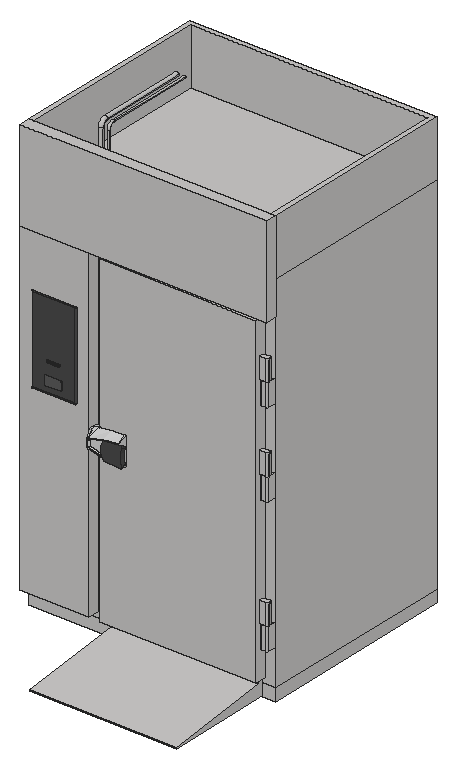
Revit family "QF_ALPENINOX_729269_ABFA22RDFE", category Specialty Equipment, Revit 2018 (continued)
Definition of nested family "ALP_Logo_XS"
  Forms (mm)
    Extrusion 2, solid
      sketch origin (17.793, -46.218, 0) x (-1, 0, 0) y (0, -1, 0)
        loop
          spline (-1.199, -50.23) -> (-1.189, -50.4) -> (-1.162, -50.557) -> (-1.117, -50.701) -> (-1.057, -50.83) -> (-0.982, -50.946) -> (-0.893, -51.047) -> (-0.791, -51.133) -> (-0.678, -51.204) -> (-0.554, -51.26) -> (-0.42, -51.301) -> (-0.278, -51.325) -> (-0.128, -51.333)
          spline (-0.128, -51.333) -> (0.022, -51.325) -> (0.164, -51.301) -> (0.298, -51.26) -> (0.422, -51.204) -> (0.536, -51.133) -> (0.637, -51.047) -> (0.726, -50.946) -> (0.801, -50.83) -> (0.861, -50.701) -> (0.905, -50.557) -> (0.932, -50.4) -> (0.942, -50.23)
          line (0.942, -50.23) -> (0.942, -44.847) -> (5.493, -50.865) -> (6.393, -51.333)
          spline (6.393, -51.333) -> (6.542, -51.325) -> (6.685, -51.301) -> (6.818, -51.26) -> (6.942, -51.204) -> (7.055, -51.133) -> (7.157, -51.047) -> (7.246, -50.946) -> (7.321, -50.83) -> (7.381, -50.701) -> (7.425, -50.557) -> (7.452, -50.4) -> (7.462, -50.23)
          line (7.462, -50.23) -> (7.462, -42.198)
        loop
          spline (-7.232, -41.01) -> (-7.943, -41.056) -> (-8.611, -41.192) -> (-9.232, -41.411) -> (-9.803, -41.709) -> (-10.321, -42.078) -> (-10.782, -42.514) -> (-11.181, -43.011) -> (-11.516, -43.564) -> (-11.783, -44.166) -> (-11.978, -44.812) -> (-12.097, -45.497) -> (-12.138, -46.214)
          spline (-12.138, -46.214) -> (-12.096, -46.919) -> (-11.974, -47.596) -> (-11.774, -48.238) -> (-11.503, -48.839) -> (-11.163, -49.393) -> (-10.76, -49.893) -> (-10.297, -50.333) -> (-9.778, -50.707) -> (-9.208, -51.008) -> (-8.591, -51.231) -> (-7.931, -51.37) -> (-7.232, -51.417)
          spline (-7.232, -51.417) -> (-6.524, -51.371) -> (-5.858, -51.236) -> (-5.238, -51.018) -> (-4.666, -50.722) -> (-4.148, -50.353) -> (-3.687, -49.918) -> (-3.286, -49.422) -> (-2.95, -48.87) -> (-2.682, -48.267) -> (-2.486, -47.62) -> (-2.366, -46.934) -> (-2.325, -46.214)
          spline (-2.325, -46.214) -> (-2.366, -45.497) -> (-2.487, -44.812) -> (-2.684, -44.166) -> (-2.953, -43.564) -> (-3.29, -43.011) -> (-3.692, -42.514) -> (-4.154, -42.078) -> (-4.672, -41.709) -> (-5.243, -41.411) -> (-5.862, -41.192) -> (-6.527, -41.056) -> (-7.232, -41.01)
        loop
          spline (-7.232, -42.962) -> (-7.665, -42.993) -> (-8.059, -43.083) -> (-8.414, -43.227) -> (-8.731, -43.422) -> (-9.01, -43.661) -> (-9.251, -43.941) -> (-9.454, -44.257) -> (-9.62, -44.605) -> (-9.748, -44.979) -> (-9.839, -45.374) -> (-9.894, -45.788) -> (-9.912, -46.214)
          spline (-9.912, -46.214) -> (-9.894, -46.637) -> (-9.837, -47.049) -> (-9.744, -47.444) -> (-9.614, -47.818) -> (-9.446, -48.165) -> (-9.241, -48.482) -> (-8.998, -48.763) -> (-8.719, -49.003) -> (-8.403, -49.198) -> (-8.049, -49.344) -> (-7.659, -49.434) -> (-7.232, -49.466)
          spline (-7.232, -49.466) -> (-6.804, -49.434) -> (-6.414, -49.344) -> (-6.06, -49.198) -> (-5.743, -49.003) -> (-5.464, -48.763) -> (-5.222, -48.482) -> (-5.017, -48.165) -> (-4.849, -47.818) -> (-4.718, -47.444) -> (-4.625, -47.049) -> (-4.568, -46.637) -> (-4.55, -46.214)
          spline (-4.55, -46.214) -> (-4.568, -45.788) -> (-4.623, -45.374) -> (-4.714, -44.979) -> (-4.842, -44.605) -> (-5.008, -44.257) -> (-5.211, -43.941) -> (-5.452, -43.661) -> (-5.731, -43.422) -> (-6.048, -43.227) -> (-6.404, -43.083) -> (-6.798, -42.993) -> (-7.232, -42.962)
        loop
          arc (-12.168, -42.806) -> (-12.411, -41.323) -> (-13.895, -41.561) r 1.064
          line (-13.895, -41.561) -> (-16.234, -44.786) -> (-18.574, -41.561)
          arc (-18.574, -41.561) -> (-20.072, -41.304) -> (-20.3, -42.806) r 1.064
          line (-20.3, -42.806) -> (-17.477, -46.566) -> (-19.787, -49.678)
          arc (-19.787, -49.678) -> (-19.432, -51.089) -> (-18.004, -50.81) r 1.057
          line (-18.004, -50.81) -> (-16.234, -48.321) -> (-14.389, -50.918)
          arc (-14.389, -50.918) -> (-12.91, -51.16) -> (-12.683, -49.678) r 1.055
          line (-12.683, -49.678) -> (-14.994, -46.566) -> (-12.168, -42.806)
      from 0 to 1.644
  Dimensions and locks
    aligned and locked: plane 2 to Extrusion 1
    aligned and locked: level to Extrusion 1
Types (2, lengths in mm): name | URL | Phase | Model | Manufacturer | Description
  (no name) | 0 | 0 | 0 | 0 | 0
  QF_ALPENINOX_729269_ABFA22RDFE.rfa | "http://www.alpeninox.com" | 3 | "ABFA22RDFE" | "Alpeninox" | "CRIO CHILL BLAST CHILLER FREEZER 200/170KG 20 GN 2/1 - DISASSEMBLED - INSULATED FLOOR - RAMP -REM.REF.UNIT"
